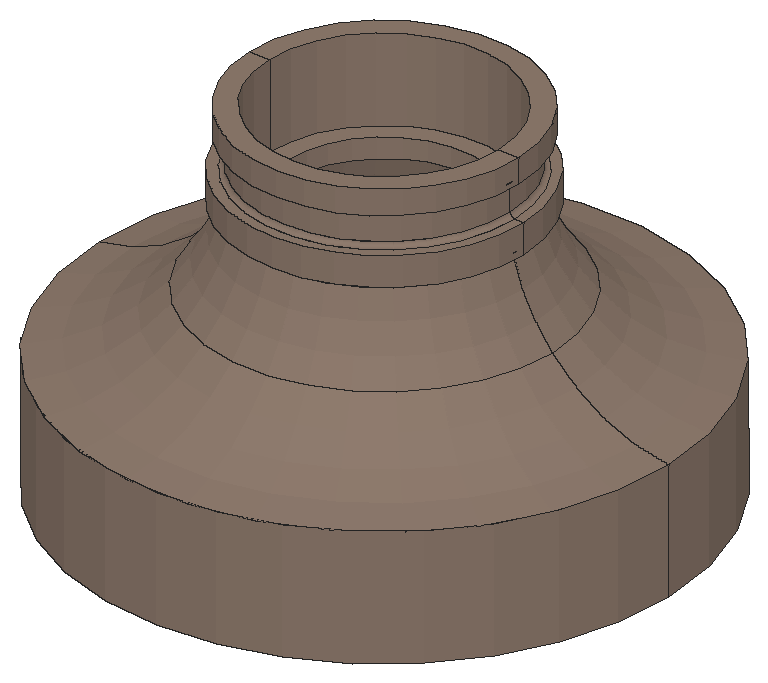
Revit family "CB1201", category Generic Models, Revit 2014
Parameters
  BASE = Bronze, Architectural
Reference planes (in)
  plane 1 "Center (Front/Back)": y = 0
  plane 2: z = 0
  plane 3 "Center (Left/Right)": x = 0
Forms (in)
  Revolve 1, solid, material "Bronze, Architectural" <- "BASE"
    sketch origin (0, 0, 0) x (1, 0, 0) y (0, 0, 1)
      loop
        line (-3.55612, 8.375) -> (-3.43112, 8.375)
        arc (-3.43112, 8.375) -> (-3.34273, 8.33839) -> (-3.30612, 8.25) r 0.125
        line (-3.30612, 8.25) -> (-3.30612, 7.625)
        arc (-3.30612, 7.625) -> (-3.34273, 7.53661) -> (-3.43112, 7.5) r 0.125
        line (-3.43112, 7.5) -> (-3.68112, 7.5) -> (-3.68112, 6.75) -> (-3.53005, 6.75)
        arc (-3.53005, 6.75) -> (-3.43056, 6.70067) -> (-3.40959, 6.59162) r 0.125
        arc (-3.40959, 6.59162) -> (-3.81729, 5.58925) -> (-4.44454, 4.70747) r 4.67472
        arc (-4.44454, 4.70747) -> (-5.82743, 3.62982) -> (-7.50638, 3.125) r 4.76676
        line (-7.50638, 3.125) -> (-7.50638, 0) -> (0, 0) -> (0, 9) -> (-3.55612, 9) -> (-3.55612, 8.375)
      axis (0, 9) -> (0, 0)
    angle from 0 to 360
  Revolve 2, void
    sketch origin (0, 0, 0) x (1, 0, 0) y (0, 0, 1)
      loop
        line (-6.75638, 1.125) -> (-6.06888, 1.125) -> (-6.06888, 0.375) -> (-6.75638, 0.375)
        arc (-6.75638, 0.375) -> (-6.93316, 0.30178) -> (-7.00638, 0.125) r 0.25
        line (-7.00638, 0.125) -> (-7.00638, 0) -> (0, 0) -> (0, 9) -> (-3.02487, 9) -> (-3.02487, 6.8125) -> (-2.52487, 6.8125) -> (-2.52487, 6.3125) -> (-3.02487, 6.17479)
        arc (-3.02487, 6.17479) -> (-3.47641, 5.17177) -> (-4.1347, 4.29052) r 5.04269
        arc (-4.1347, 4.29052) -> (-5.44473, 3.26645) -> (-7.00638, 2.69536) r 5.3359
        line (-7.00638, 2.69536) -> (-7.00638, 1.375)
        arc (-7.00638, 1.375) -> (-6.93316, 1.19822) -> (-6.75638, 1.125) r 0.25
      axis (0, 9) -> (0, 0)
    angle from 0 to 360
Cuts and joins
  Revolve 2 cuts Revolve 1
Dimensions and locks (in)
  aligned and locked: plane 2 to level
